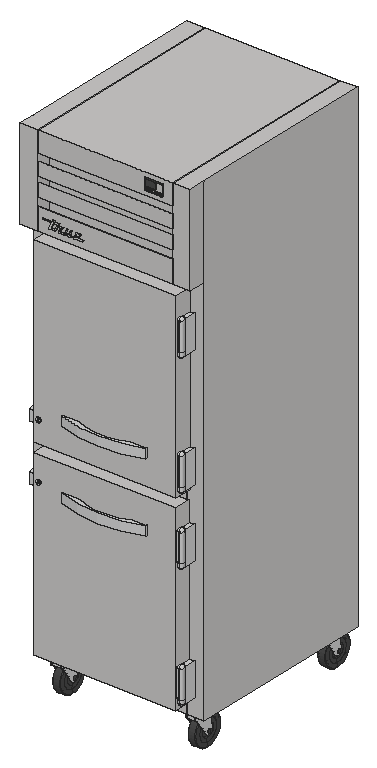
Revit family "QF_TRUE_STG1R-2HS-HC", category Specialty Equipment, Revit 2012
Parameters
  Weight in Pounds = 0
  Watts = Volts * FL Amps  # 437 W
  Volts = 115 V
  URL Cutsheet = "www.truemfg.com"
  URL = "www.truemfg.com"
  Type Mark [instance] = ""
  Type Comments = ""
  Status [instance] = ""
  Specification by User [instance] = ""
  Specification by Manufacturer = ""
  Show Seismic Flanged [instance] = no
  Show Logo [instance] = yes
  Show Legs [instance] = no
  Show Clearance [instance] = yes
  Serial Number = ""
  Seismic Rating = ""
  Seismic Plate [instance] = and(Show Seismic Flanged, not(Show Casters))  # no
  SMACNA No = ""
  Revision Code [instance] = ""
  Phase = 1
  Omniclass Number and Title = ""
  Number of Poles [instance] = 1
  NAFEM Spec ID Number = ""
  Model = "STG1R-2HS-HC"
  Min Ckt Ampacity = 0 A
  Max Overcurrent Protection = 0 A
  Masterspec = ""
  Manufacturer = "TRUE FOOD SERVICE EQUIPMENT, INC."
  Length = 27 1/2"
  Legs [instance] = or(Show Legs, Show Seismic Flanged)  # no
  Item Number [instance] = ""
  Installed By [instance] = ""
  Identify Quantity as Lot [instance] = yes
  Height = 77 3/4"
  HP = "1/4"
  Furnished By [instance] = ""
  Foodservice Equipment Identifier [instance] = yes
  FL Amps = 3.8 A
  Electrical Remarks [instance] = ""
  Electric Connection Type [instance] = ""
  Elec Conn RI Height [instance] = 0"
  Elec Conn Connection Height [instance] = 0"
  Description = "REACH-IN SOLID HALF SWING DOOR REFRIGERATOR WITH HYDROCARBON REFRIGERANT WITH LED LIGHTING"
  Depth = 33 3/4"
  Cycle = 60 Hz
  Conn Plug = "5-15P"
  Conn Conduit = yes
  Show Casters [instance] = and(not(if(Show Legs, Show Legs, Show Legs)), not(if(Show Legs, Show Legs, Show Seismic Flanged)))  # yes
  CSI MasterFormat = ""
  CSI Master Format = ""
  Apparent Power = if(Phase = 3, Volts * FL Amps * 1.73, Volts * FL Amps)  # 437 VA
Reference planes (in)
  plane 1 "BACK": y = 0
  plane 2: z = 0
  plane 3 "LEFT": x = 0
  plane 4 "RIGHT": x = 27.5
  plane 5 "FRONT": y = -33.75
  plane 6 "TOP": z = 84.125
  plane 7: z = 6.125
  plane 8: x = 2.84375
  plane 9: y = -33.7042
  plane 10: y = -35.21875
  plane 11: y = -56.78125
Forms (in)
  Extrusion 1, solid, material "QF_Finishes_Stainless Steel"
    sketch origin (0.05, 0, 0) x (1, 0, 0) y (0, 1, 0)
      loop
        line (-0.05, 0) -> (-0.05, -31) -> (2.87859, -31) -> (2.87859, 0) -> (-0.05, 0)
    from 6.125 to 84.125
  Extrusion 2, solid, material "QF_Finishes_Stainless Steel"
    sketch origin (50.15, 0, 0) x (1, 0, 0) y (0, 1, 0)
      loop
        line (-25.44375, 0) -> (-25.44375, -31) -> (-22.65, -31) -> (-22.65, 0) -> (-25.44375, 0)
    from 6.125 to 84.125
  Extrusion 3, solid, material "QF_Finishes_Stainless Steel"
    sketch origin (0, 0, 0) x (0, 1, 0) y (0, 0, 1)
      loop
        line (-33.7042, 69.5) -> (-31, 69.5) -> (-31, 6.125) -> (0, 6.125) -> (0, 84.125) -> (-33.7042, 84.125) -> (-33.7042, 80.78078) -> (-31.5, 79.21352) -> (-31.5, 78.09125) -> (-33.7042, 79.65851) -> (-33.7042, 77.5248) -> (-31.5, 75.95754) -> (-31.5, 74.99678) -> (-33.7042, 76.56404) -> (-33.7042, 74.46784) -> (-31.5, 72.90057) -> (-31.5, 71.625) -> (-33.7042, 73.19226) -> (-33.7042, 69.5)
    from 2.92859 to 24.70625
  Extrusion 4, solid, material "QF_Finishes_Stainless Steel"
    sketch origin (0, 0, 0) x (1, 0, 0) y (0, 1, 0)
      loop
        line (27.45312, -31) -> (24.70625, -31) -> (24.70625, -33.75) -> (27.45312, -33.75) -> (27.45312, -31)
    from 69.5 to 84.125
  Extrusion 5, solid, material "QF_Finishes_Stainless Steel"
    sketch origin (-50.125, 0, 0.25) x (1, 0, 0) y (0, 1, 0)
      loop
        line (53.05359, -31) -> (50.17188, -31) -> (50.17188, -33.75) -> (53.05359, -33.75) -> (53.05359, -31)
    from 69.25 to 83.875
  Extrusion 6, solid, material "QF_Finishes_Stainless Steel"
    sketch origin (-24.96875, 0, -0.71875) x (1, 0, 0) y (0, 0, 1)
      loop
        line (27.15625, 8.75) -> (50.09375, 8.75) -> (50.09375, 37.96875) -> (27.15625, 37.96875) -> (27.15625, 8.75)
      loop
        line (27.15625, 68.6875) -> (27.15625, 39.46875) -> (50.1875, 39.46875) -> (50.1875, 68.6875) -> (27.15625, 68.6875)
    from 31 to 33.75
  Extrusion 7, solid, material "QF_Finishes_Handrails and Railings"
    sketch origin (60.77813, -0.25, 31.96644) x (1, 0, 0) y (0, 1, 0)
      loop
        line (-53.875, -33.5) -> (-53.875, -33.7)
        arc (-53.875, -33.7) -> (-47.075, -34.96875) -> (-40.275, -33.7) r 18.857
        line (-40.275, -33.7) -> (-40.275, -33.5) -> (-42.675, -33.5)
        arc (-42.675, -33.5) -> (-47.075, -34.53655) -> (-51.475, -33.5) r 9.85694
        line (-51.475, -33.5) -> (-53.875, -33.5)
    from 10.87731 to 12.37731
  Extrusion 8, solid, material "QF_Finishes_Handrails and Railings"
    sketch origin (-23.375, 0, 2.25) x (1, 0, 0) y (0, 0, 1)
      loop
        circle (26.4375, 40.0625) r 0.35
      loop
        line (26.47265, 40.33635) -> (26.41715, 40.33635) -> (26.41715, 39.76895) -> (26.47265, 39.76895) -> (26.47265, 40.33635)
    from 33.5 to 33.83066
  Extrusion 9, solid, material "QF_Finishes_Handrails and Railings", visible <- "Show Logo"
    sketch origin (0.33478, 1.08173, -6.73143) x (1, 0, 0) y (0, 0, 1)
      loop
        line (3.46044, 78.46231) -> (3.35478, 78.23573) -> (4.76027, 78.23573)
        arc (4.76027, 78.23573) -> (4.78879, 78.18528) -> (4.76027, 78.13484) r 0.05887
        line (4.76027, 78.13484) -> (4.39369, 77.34872)
        arc (4.39369, 77.34872) -> (4.39051, 77.27591) -> (4.43975, 77.22217) r 0.09523
        line (4.43975, 77.22217) -> (5.33844, 77.22217)
        arc (5.33844, 77.22217) -> (5.45192, 77.25795) -> (5.52436, 77.35235) r 0.19785
        line (5.52436, 77.35235) -> (5.81285, 77.97101) -> (6.0779, 77.97101)
        arc (6.0779, 77.97101) -> (6.14744, 77.94543) -> (6.13737, 77.87203) r 0.05911
        line (6.13737, 77.87203) -> (5.89598, 77.35437)
        arc (5.89598, 77.35437) -> (5.89974, 77.2684) -> (5.97231, 77.22217) r 0.09318
        line (5.97231, 77.22217) -> (6.76198, 77.22217)
        arc (6.76198, 77.22217) -> (6.82249, 77.24419) -> (6.85468, 77.29995) r 0.09412
        arc (6.85468, 77.29995) -> (6.87746, 77.24495) -> (6.93246, 77.22217) r 0.07778
        line (6.93246, 77.22217) -> (7.43246, 77.22217)
        arc (7.43246, 77.22217) -> (7.49022, 77.23765) -> (7.53251, 77.27993) r 0.11552
        arc (7.53251, 77.27993) -> (7.55275, 77.23106) -> (7.60162, 77.21081) r 0.06912
        line (7.60162, 77.21081) -> (8.31225, 77.21081)
        arc (8.31225, 77.21081) -> (8.37034, 77.23488) -> (8.39441, 77.29297) r 0.08216
        arc (8.39441, 77.29297) -> (8.44767, 77.23972) -> (8.52042, 77.22022) r 0.14551
        line (8.52042, 77.22022) -> (9.85158, 77.22022) -> (9.99946, 77.47634) -> (8.65678, 77.47634)
        arc (8.65678, 77.47634) -> (8.61972, 77.50204) -> (8.61834, 77.54711) r 0.05009
        line (8.61834, 77.54711) -> (8.64157, 77.59692)
        arc (8.64157, 77.59692) -> (8.67723, 77.64364) -> (8.73327, 77.66135) r 0.09747
        line (8.73327, 77.66135) -> (9.16485, 77.66135)
        arc (9.16485, 77.66135) -> (9.258, 77.68631) -> (9.32619, 77.7545) r 0.1863
        line (9.32619, 77.7545) -> (9.45119, 77.97101)
        arc (9.45119, 77.97101) -> (9.45119, 78.08657) -> (9.35111, 78.14434) r 0.11556
        line (9.35111, 78.14434) -> (8.89562, 78.14434)
        arc (8.89562, 78.14434) -> (8.7795, 78.12462) -> (8.69849, 78.03912) r 0.18605
        line (8.69849, 78.03912) -> (8.48204, 77.57493)
        arc (8.48204, 77.57493) -> (8.41815, 77.49167) -> (8.31806, 77.46011) r 0.1745
        line (8.31806, 77.46011) -> (7.84559, 77.46011)
        arc (7.84559, 77.46011) -> (7.78903, 77.52184) -> (7.79268, 77.60548) r 0.10939
        line (7.79268, 77.60548) -> (8.04395, 78.14434) -> (7.88403, 78.14434) -> (7.61781, 77.57344)
        arc (7.61781, 77.57344) -> (7.56609, 77.50603) -> (7.48505, 77.48048) r 0.14128
        line (7.48505, 77.48048) -> (7.15925, 77.48048)
        arc (7.15925, 77.48048) -> (7.10419, 77.55223) -> (7.116, 77.64189) r 0.11816
        line (7.116, 77.64189) -> (7.3503, 78.14434) -> (7.18514, 78.14434) -> (6.91546, 77.566)
        arc (6.91546, 77.566) -> (6.85285, 77.50339) -> (6.76733, 77.48048) r 0.17104
        line (6.76733, 77.48048) -> (6.29555, 77.48048)
        arc (6.29555, 77.48048) -> (6.21082, 77.51999) -> (6.20267, 77.61313) r 0.0935
        line (6.20267, 77.61313) -> (6.35774, 77.94569) -> (6.57695, 77.94569)
        arc (6.57695, 77.94569) -> (6.61395, 78.05717) -> (6.69267, 78.14434) r 0.2857
        line (6.69267, 78.14434) -> (5.83605, 78.14434)
        arc (5.83605, 78.14434) -> (5.74086, 78.12324) -> (5.67498, 78.05135) r 0.16212
        line (5.67498, 78.05135) -> (5.44279, 77.55341)
        arc (5.44279, 77.55341) -> (5.3894, 77.50002) -> (5.31647, 77.48048) r 0.14586
        line (5.31647, 77.48048) -> (4.80506, 77.48048)
        arc (4.80506, 77.48048) -> (4.76514, 77.53442) -> (4.77274, 77.60109) r 0.09155
        line (4.77274, 77.60109) -> (5.11018, 78.23573) -> (5.96155, 78.23573) -> (6.06721, 78.46231) -> (5.21584, 78.46231) -> (5.32149, 78.68888) -> (5.01862, 78.68888) -> (4.91297, 78.46231) -> (3.46044, 78.46231)
      loop
        arc (8.83805, 77.93863) -> (8.80119, 77.92875) -> (8.7742, 77.90176) r 0.07373
        line (8.7742, 77.90176) -> (8.75229, 77.83436)
        arc (8.75229, 77.83436) -> (8.76245, 77.80983) -> (8.78699, 77.79966) r 0.0347
        line (8.78699, 77.79966) -> (9.15948, 77.79966)
        arc (9.15948, 77.79966) -> (9.18632, 77.80561) -> (9.20812, 77.82234) r 0.0635
        line (9.20812, 77.82234) -> (9.22624, 77.90622)
        arc (9.22624, 77.90622) -> (9.22091, 77.92868) -> (9.20009, 77.93863) r 0.02676
        line (9.20009, 77.93863) -> (8.83805, 77.93863)
    from 34.76797 to 34.83173
  Extrusion 10, solid, material "QF_Finishes_White"
    sketch origin (-23.16691, 1.06376, 1.58022) x (1, 0, 0) y (0, 0, 1)
      loop
        line (43.31732, 81.73227) -> (43.31732, 79.98496) -> (46.22357, 79.98496) -> (46.22357, 81.73227) -> (43.31732, 81.73227)
    from 34.75 to 34.76797
  Extrusion 11, solid, material "QF_Finishes_Black"
    sketch origin (-23.16691, 1.06376, 1.58022) x (1, 0, 0) y (0, 0, 1)
      loop
        line (46.28607, 81.79477) -> (43.25482, 81.79477) -> (43.25482, 79.92246) -> (46.28607, 79.92246) -> (46.28607, 81.79477)
      loop
        spline (43.45482, 80.25372) -> (43.46333, 80.23754) -> (43.48831, 80.22247) -> (43.52804, 80.20952) -> (43.57982, 80.19959) -> (43.64011, 80.19335) -> (43.70482, 80.19122) -> (43.76952, 80.19335) -> (43.82982, 80.19959) -> (43.88159, 80.20952) -> (43.92132, 80.22247) -> (43.9463, 80.23754) -> (43.95482, 80.25372)
        spline (43.95482, 80.25372) -> (43.9463, 80.26989) -> (43.92132, 80.28497) -> (43.88159, 80.29791) -> (43.82982, 80.30784) -> (43.76952, 80.31409) -> (43.70482, 80.31622) -> (43.64011, 80.31409) -> (43.57982, 80.30784) -> (43.52804, 80.29791) -> (43.48831, 80.28497) -> (43.46333, 80.26989) -> (43.45482, 80.25372)
      loop
        spline (44.15083, 80.25372) -> (44.15935, 80.23754) -> (44.18432, 80.22247) -> (44.22405, 80.20952) -> (44.27583, 80.19959) -> (44.33612, 80.19335) -> (44.40083, 80.19122) -> (44.46553, 80.19335) -> (44.52583, 80.19959) -> (44.57761, 80.20952) -> (44.61734, 80.22247) -> (44.64231, 80.23754) -> (44.65083, 80.25372)
        spline (44.65083, 80.25372) -> (44.64231, 80.26989) -> (44.61734, 80.28497) -> (44.57761, 80.29791) -> (44.52583, 80.30784) -> (44.46553, 80.31409) -> (44.40083, 80.31622) -> (44.33612, 80.31409) -> (44.27583, 80.30784) -> (44.22405, 80.29791) -> (44.18432, 80.28497) -> (44.15935, 80.26989) -> (44.15083, 80.25372)
      loop
        spline (44.90083, 80.25372) -> (44.90935, 80.23754) -> (44.93432, 80.22247) -> (44.97405, 80.20952) -> (45.02583, 80.19959) -> (45.08612, 80.19335) -> (45.15083, 80.19122) -> (45.21553, 80.19335) -> (45.27583, 80.19959) -> (45.32761, 80.20952) -> (45.36734, 80.22247) -> (45.39231, 80.23754) -> (45.40083, 80.25372)
        spline (45.40083, 80.25372) -> (45.39231, 80.26989) -> (45.36734, 80.28497) -> (45.32761, 80.29791) -> (45.27583, 80.30784) -> (45.21553, 80.31409) -> (45.15083, 80.31622) -> (45.08612, 80.31409) -> (45.02583, 80.30784) -> (44.97405, 80.29791) -> (44.93432, 80.28497) -> (44.90935, 80.26989) -> (44.90083, 80.25372)
      loop
        line (43.45481, 81.59478) -> (43.45481, 80.59478) -> (45.15433, 80.59478) -> (45.15433, 81.59478) -> (43.45481, 81.59478)
      loop
        line (46.22357, 81.73227) -> (43.31732, 81.73227) -> (43.31732, 79.98496) -> (46.22357, 79.98496) -> (46.22357, 81.73227)
      loop
        spline (45.65083, 80.25372) -> (45.65935, 80.23754) -> (45.68432, 80.22247) -> (45.72405, 80.20952) -> (45.77583, 80.19959) -> (45.83612, 80.19335) -> (45.90083, 80.19122) -> (45.96553, 80.19335) -> (46.02583, 80.19959) -> (46.07761, 80.20952) -> (46.11734, 80.22247) -> (46.14231, 80.23754) -> (46.15083, 80.25372)
        spline (46.15083, 80.25372) -> (46.14231, 80.26989) -> (46.11734, 80.28497) -> (46.07761, 80.29791) -> (46.02583, 80.30784) -> (45.96553, 80.31409) -> (45.90083, 80.31622) -> (45.83612, 80.31409) -> (45.77583, 80.30784) -> (45.72405, 80.29791) -> (45.68432, 80.28497) -> (45.65935, 80.26989) -> (45.65083, 80.25372)
    from 34.76797 to 34.80335
  Extrusion 12, solid
    sketch origin (-25.125, 0, 0) x (1, 0, 0) y (0, 0, 1)
      loop
        circle (49.375, 82) r 0.25
    from 0 to 0.0625
  Blend 13, solid, material "QF_Finishes_Handrails and Railings"
    base sketch origin (27.53125, 0, 4.25) x (-1, 0, 0) y (0, 0, -1)
      loop
        line (25.25, -38.99169) -> (26, -38.99169) -> (26, -37.24169) -> (25.25, -37.24169) -> (25.25, -38.99169)
    top sketch origin (27.53125, 0, 4.25) x (-1, 0, 0) y (0, 0, -1)
      loop
        line (26.18223, -36.6441) -> (25.25, -36.6441) -> (25.25, -39.42643) -> (26.18223, -39.42643) -> (26.18223, -36.6441)
    from 33.57883 to 31
  Extrusion 14, solid, material "QF_Finishes_Handrails and Railings"
    sketch origin (26.1875, 0, 0) x (0, 1, 0) y (0, 0, -1)
      loop
        line (-31, -64.55229) -> (-31, -59.23627) -> (-33.25, -59.23627) -> (-33.25, -59.94848) -> (-32.81497, -59.94848) -> (-32.81497, -64.34776)
        arc (-32.81497, -64.34776) -> (-32.75506, -64.49238) -> (-32.61044, -64.55229) r 0.20453
        line (-32.61044, -64.55229) -> (-31, -64.55229)
    from 0.17506 to 1
  Revolve 15, solid, material "QF_Finishes_Handrails and Railings"
    sketch origin (25.6875, 0, 0) x (0, 1, 0) y (0, 0, -1)
      loop
        line (-33.26563, -60.00189) -> (-33.67229, -60.00189) -> (-33.67229, -64.4736)
        arc (-33.67229, -64.4736) -> (-33.53722, -64.72557) -> (-33.26563, -64.81483) r 0.3848
        line (-33.26563, -64.81483) -> (-33.26563, -60.00189)
      loop
        line (-33.26563, -59.94848) -> (-33.26563, -59.04781)
        arc (-33.26563, -59.04781) -> (-33.53264, -59.13383) -> (-33.67229, -59.37712) r 0.38884
        line (-33.67229, -59.37712) -> (-33.67229, -59.94848) -> (-33.26563, -59.94848)
      axis (-33.26563, -59.04781) -> (-33.26563, -64.81483)
    angle from 0 to 360
  Extrusion 16, solid, material "QF_Finishes_Handrails and Railings"
    sketch origin (27.5, 0, 0) x (-1, 0, 0) y (0, 0, -1)
      loop
        line (1.91491, -64.4736) -> (2.3125, -64.4736) -> (2.3125, -60.00079) -> (1.91491, -60.00079) -> (1.91491, -64.4736)
    from 32.81497 to 33.59495
  Extrusion 17, solid, material "QF_Finishes_Handrails and Railings"
    sketch origin (26.1875, 0, -19.5) x (0, 1, 0) y (0, 0, -1)
      loop
        line (-31, -64.55229) -> (-31, -59.23627) -> (-33.25, -59.23627) -> (-33.25, -59.94848) -> (-32.81497, -59.94848) -> (-32.81497, -64.34776)
        arc (-32.81497, -64.34776) -> (-32.75506, -64.49238) -> (-32.61044, -64.55229) r 0.20453
        line (-32.61044, -64.55229) -> (-31, -64.55229)
    from 0.17506 to 1
  Revolve 18, solid, material "QF_Finishes_Handrails and Railings"
    sketch origin (25.6875, 0, -19.5) x (0, 1, 0) y (0, 0, -1)
      loop
        line (-33.26563, -60.00189) -> (-33.67229, -60.00189) -> (-33.67229, -64.4736)
        arc (-33.67229, -64.4736) -> (-33.53722, -64.72557) -> (-33.26563, -64.81483) r 0.3848
        line (-33.26563, -64.81483) -> (-33.26563, -60.00189)
      loop
        line (-33.26563, -59.94848) -> (-33.26563, -59.04781)
        arc (-33.26563, -59.04781) -> (-33.53264, -59.13383) -> (-33.67229, -59.37712) r 0.38884
        line (-33.67229, -59.37712) -> (-33.67229, -59.94848) -> (-33.26563, -59.94848)
      axis (-33.26563, -59.04781) -> (-33.26563, -64.81483)
    angle from 0 to 360
  Extrusion 19, solid, material "QF_Finishes_Handrails and Railings"
    sketch origin (27.5, 0, -19.5) x (-1, 0, 0) y (0, 0, -1)
      loop
        line (1.91491, -64.4736) -> (2.3125, -64.4736) -> (2.3125, -60.00079) -> (1.91491, -60.00079) -> (1.91491, -64.4736)
    from 32.81497 to 33.59495
  Extrusion 20, solid, material "QF_Finishes_Handrails and Railings"
    sketch origin (26.1875, 0, -30.5) x (0, 1, 0) y (0, 0, -1)
      loop
        line (-31, -64.55229) -> (-31, -59.23627) -> (-33.25, -59.23627) -> (-33.25, -59.94848) -> (-32.81497, -59.94848) -> (-32.81497, -64.34776)
        arc (-32.81497, -64.34776) -> (-32.75506, -64.49238) -> (-32.61044, -64.55229) r 0.20453
        line (-32.61044, -64.55229) -> (-31, -64.55229)
    from 0.17506 to 1
  Revolve 21, solid, material "QF_Finishes_Handrails and Railings"
    sketch origin (25.6875, 0, -30.5) x (0, 1, 0) y (0, 0, -1)
      loop
        line (-33.26563, -60.00189) -> (-33.67229, -60.00189) -> (-33.67229, -64.4736)
        arc (-33.67229, -64.4736) -> (-33.53722, -64.72557) -> (-33.26563, -64.81483) r 0.3848
        line (-33.26563, -64.81483) -> (-33.26563, -60.00189)
      loop
        line (-33.26563, -59.94848) -> (-33.26563, -59.04781)
        arc (-33.26563, -59.04781) -> (-33.53264, -59.13383) -> (-33.67229, -59.37712) r 0.38884
        line (-33.67229, -59.37712) -> (-33.67229, -59.94848) -> (-33.26563, -59.94848)
      axis (-33.26563, -59.04781) -> (-33.26563, -64.81483)
    angle from 0 to 360
  Extrusion 22, solid, material "QF_Finishes_Handrails and Railings"
    sketch origin (27.5, 0, -30.5) x (-1, 0, 0) y (0, 0, -1)
      loop
        line (1.91491, -64.4736) -> (2.3125, -64.4736) -> (2.3125, -60.00079) -> (1.91491, -60.00079) -> (1.91491, -64.4736)
    from 32.81497 to 33.59495
  Extrusion 23, solid, material "QF_Finishes_Handrails and Railings"
    sketch origin (26.1875, 0, -50.25) x (0, 1, 0) y (0, 0, -1)
      loop
        line (-31, -64.55229) -> (-31, -59.23627) -> (-33.25, -59.23627) -> (-33.25, -59.94848) -> (-32.81497, -59.94848) -> (-32.81497, -64.34776)
        arc (-32.81497, -64.34776) -> (-32.75506, -64.49238) -> (-32.61044, -64.55229) r 0.20453
        line (-32.61044, -64.55229) -> (-31, -64.55229)
    from 0.17506 to 1
  Revolve 24, solid, material "QF_Finishes_Handrails and Railings"
    sketch origin (25.6875, 0, -50.25) x (0, 1, 0) y (0, 0, -1)
      loop
        line (-33.26563, -60.00189) -> (-33.67229, -60.00189) -> (-33.67229, -64.4736)
        arc (-33.67229, -64.4736) -> (-33.53722, -64.72557) -> (-33.26563, -64.81483) r 0.3848
        line (-33.26563, -64.81483) -> (-33.26563, -60.00189)
      loop
        line (-33.26563, -59.94848) -> (-33.26563, -59.04781)
        arc (-33.26563, -59.04781) -> (-33.53264, -59.13383) -> (-33.67229, -59.37712) r 0.38884
        line (-33.67229, -59.37712) -> (-33.67229, -59.94848) -> (-33.26563, -59.94848)
      axis (-33.26563, -59.04781) -> (-33.26563, -64.81483)
    angle from 0 to 360
  Extrusion 25, solid, material "QF_Finishes_Handrails and Railings"
    sketch origin (27.5, 0, -50.25) x (-1, 0, 0) y (0, 0, -1)
      loop
        line (1.91491, -64.4736) -> (2.3125, -64.4736) -> (2.3125, -60.00079) -> (1.91491, -60.00079) -> (1.91491, -64.4736)
    from 32.81497 to 33.59495
  Revolve 26, solid, material "QF_Finishes_Black", visible <- "Show Casters"
    sketch origin (22.65625, -27.375, 0) x (1, 0, 0) y (0, 0, 1)
      loop
        line (1.475, 5) -> (1.375, 4.9) -> (1.375, 4.29941) -> (1.53601, 4.29941) -> (1.53601, 3.54941) -> (1.375, 3.54941) -> (1.375, 2.79941) -> (0.975, 2.79941) -> (0.975, 2.5) -> (3.025, 2.5) -> (3.025, 2.79941) -> (2.62908, 2.79941) -> (2.62908, 3.54941) -> (2.46399, 3.54941) -> (2.46399, 4.29941) -> (2.62908, 4.29941) -> (2.62908, 4.89592) -> (2.525, 5) -> (1.475, 5)
      axis (3.025, 2.5) -> (0.975, 2.5)
    angle from 0 to 360
  Extrusion 27, solid, material "QF_Finishes_Handrails and Railings", visible <- "Show Casters"
    sketch origin (22.5625, 0, 0) x (0, 1, 0) y (0, 0, 1)
      loop
        line (-29.95136, 5.48574) -> (-29.95136, 4.88089) -> (-29.70136, 4.88089) -> (-27.95216, 2.18736)
        arc (-27.95216, 2.18736) -> (-27.23883, 1.94868) -> (-26.84581, 2.59003) r 0.60416
        line (-26.84581, 2.59003) -> (-27.20136, 5.48574) -> (-29.95136, 5.48574)
      loop
        line (-3.8577, 5.48574) -> (-3.8577, 4.88089) -> (-3.6077, 4.88089) -> (-1.8585, 2.18736)
        arc (-1.8585, 2.18736) -> (-1.14517, 1.94868) -> (-0.75215, 2.59003) r 0.60416
        line (-0.75215, 2.59003) -> (-1.1077, 5.48574) -> (-3.8577, 5.48574)
    from 1.175 to 1.325
  Extrusion 28, solid, material "QF_Finishes_Handrails and Railings", visible <- "Show Casters"
    sketch origin (24.0625, 0, 0) x (0, 1, 0) y (0, 0, 1)
      loop
        line (-29.95136, 5.48574) -> (-29.95136, 4.88089) -> (-29.70136, 4.88089) -> (-27.95216, 2.18736)
        arc (-27.95216, 2.18736) -> (-27.23883, 1.94868) -> (-26.84581, 2.59003) r 0.60416
        line (-26.84581, 2.59003) -> (-27.20136, 5.48574) -> (-29.95136, 5.48574)
      loop
        line (-3.8577, 5.48574) -> (-3.8577, 4.88089) -> (-3.6077, 4.88089) -> (-1.8585, 2.18736)
        arc (-1.8585, 2.18736) -> (-1.14517, 1.94868) -> (-0.75215, 2.59003) r 0.60416
        line (-0.75215, 2.59003) -> (-1.1077, 5.48574) -> (-3.8577, 5.48574)
    from 1.175 to 1.325
  Revolve 29, solid, material "QF_Finishes_Chrome - Satin", visible <- "Show Casters"
    sketch origin (22.65625, -28.5625, -0.5) x (1, 0, 0) y (0, 0, 1)
      loop
        line (2, 5.99546) -> (2, 6.62359) -> (0.70293, 6.62359) -> (0.70293, 5.99546) -> (2, 5.99546)
      axis (2, 5.99546) -> (2, 6.62359)
    angle from 0 to 360
  Revolve 30, solid, material "QF_Finishes_Chrome - Satin", visible <- "Legs"
    sketch origin (22.65625, -2.69102, 0) x (1, 0, 0) y (0, 0, 1)
      loop
        line (2, 6.125) -> (0.66662, 6.125) -> (1.25, 1) -> (1.5, 1) -> (1.5, 0) -> (2, 0) -> (2, 6.125)
      axis (2, 0) -> (2, 6.125)
    angle from 0 to 360
  Revolve 31, solid, material "QF_Finishes_Chrome - Satin", visible <- "Legs"
    sketch origin (22.65625, -28.65977, 0) x (1, 0, 0) y (0, 0, 1)
      loop
        line (2, 6.125) -> (0.66662, 6.125) -> (1.25, 1) -> (1.5, 1) -> (1.5, 0) -> (2, 0) -> (2, 6.125)
      axis (2, 0) -> (2, 6.125)
    angle from 0 to 360
  Revolve 32, solid, material "QF_Finishes_Chrome - Satin", visible <- "Show Casters"
    sketch origin (22.65625, -2.70321, -0.5) x (1, 0, 0) y (0, 0, 1)
      loop
        line (2, 5.99546) -> (2, 6.62359) -> (0.70293, 6.62359) -> (0.70293, 5.99546) -> (2, 5.99546)
      axis (2, 5.99546) -> (2, 6.62359)
    angle from 0 to 360
  Extrusion 33, solid, material "QF_Finishes_Handrails and Railings", visible <- "Show Casters"
    sketch origin (-25.21875, 0, 0) x (0, 1, 0) y (0, 0, 1)
      loop
        line (-29.95136, 5.48574) -> (-29.95136, 4.88089) -> (-29.70136, 4.88089) -> (-27.16533, 5.19227) -> (-27.20136, 5.48574) -> (-29.95136, 5.48574)
      loop
        line (-3.8577, 5.48574) -> (-3.8577, 4.88089) -> (-3.6077, 4.88089) -> (-1.07167, 5.19227) -> (-1.1077, 5.48574) -> (-3.8577, 5.48574)
    from 49.10625 to 50.45625
  Revolve 34, solid, material "QF_Finishes_Black", visible <- "Show Casters"
    sketch origin (22.65625, -1.21875, 0) x (1, 0, 0) y (0, 0, 1)
      loop
        line (1.475, 5) -> (1.375, 4.9) -> (1.375, 4.29941) -> (1.53601, 4.29941) -> (1.53601, 3.54941) -> (1.375, 3.54941) -> (1.375, 2.79941) -> (0.975, 2.79941) -> (0.975, 2.5) -> (3.025, 2.5) -> (3.025, 2.79941) -> (2.62908, 2.79941) -> (2.62908, 3.54941) -> (2.46399, 3.54941) -> (2.46399, 4.29941) -> (2.62908, 4.29941) -> (2.62908, 4.89592) -> (2.525, 5) -> (1.475, 5)
      axis (3.025, 2.5) -> (0.975, 2.5)
    angle from 0 to 360
  Revolve 35, solid, material "QF_Finishes_Black", visible <- "Show Casters"
    sketch origin (0.84375, -27.375, 0) x (1, 0, 0) y (0, 0, 1)
      loop
        line (1.475, 5) -> (1.375, 4.9) -> (1.375, 4.29941) -> (1.53601, 4.29941) -> (1.53601, 3.54941) -> (1.375, 3.54941) -> (1.375, 2.79941) -> (0.975, 2.79941) -> (0.975, 2.5) -> (3.025, 2.5) -> (3.025, 2.79941) -> (2.62908, 2.79941) -> (2.62908, 3.54941) -> (2.46399, 3.54941) -> (2.46399, 4.29941) -> (2.62908, 4.29941) -> (2.62908, 4.89592) -> (2.525, 5) -> (1.475, 5)
      axis (3.025, 2.5) -> (0.975, 2.5)
    angle from 0 to 360
  Extrusion 36, solid, material "QF_Finishes_Handrails and Railings", visible <- "Show Casters"
    sketch origin (0.84375, 0, 0) x (0, 1, 0) y (0, 0, 1)
      loop
        line (-29.95136, 5.48574) -> (-29.95136, 4.88089) -> (-29.70136, 4.88089) -> (-27.95216, 2.18736)
        arc (-27.95216, 2.18736) -> (-27.23883, 1.94868) -> (-26.84581, 2.59003) r 0.60416
        line (-26.84581, 2.59003) -> (-27.20136, 5.48574) -> (-29.95136, 5.48574)
      loop
        line (-3.8577, 5.48574) -> (-3.8577, 4.88089) -> (-3.6077, 4.88089) -> (-1.8585, 2.18736)
        arc (-1.8585, 2.18736) -> (-1.14517, 1.94868) -> (-0.75215, 2.59003) r 0.60416
        line (-0.75215, 2.59003) -> (-1.1077, 5.48574) -> (-3.8577, 5.48574)
    from 1.175 to 1.325
  Extrusion 37, solid, material "QF_Finishes_Handrails and Railings", visible <- "Show Casters"
    sketch origin (2.34375, 0, 0) x (0, 1, 0) y (0, 0, 1)
      loop
        line (-29.95136, 5.48574) -> (-29.95136, 4.88089) -> (-29.70136, 4.88089) -> (-27.95216, 2.18736)
        arc (-27.95216, 2.18736) -> (-27.23883, 1.94868) -> (-26.84581, 2.59003) r 0.60416
        line (-26.84581, 2.59003) -> (-27.20136, 5.48574) -> (-29.95136, 5.48574)
      loop
        line (-3.8577, 5.48574) -> (-3.8577, 4.88089) -> (-3.6077, 4.88089) -> (-1.8585, 2.18736)
        arc (-1.8585, 2.18736) -> (-1.14517, 1.94868) -> (-0.75215, 2.59003) r 0.60416
        line (-0.75215, 2.59003) -> (-1.1077, 5.48574) -> (-3.8577, 5.48574)
    from 1.175 to 1.325
  Revolve 38, solid, material "QF_Finishes_Chrome - Satin", visible <- "Show Casters"
    sketch origin (0.84375, -28.5625, -0.5) x (1, 0, 0) y (0, 0, 1)
      loop
        line (2, 5.99546) -> (2, 6.62359) -> (0.70293, 6.62359) -> (0.70293, 5.99546) -> (2, 5.99546)
      axis (2, 5.99546) -> (2, 6.62359)
    angle from 0 to 360
  Revolve 39, solid, material "QF_Finishes_Chrome - Satin", visible <- "Legs"
    sketch origin (0.84375, -2.69102, 0) x (1, 0, 0) y (0, 0, 1)
      loop
        line (2, 6.125) -> (0.66662, 6.125) -> (1.25, 1) -> (1.5, 1) -> (1.5, 0) -> (2, 0) -> (2, 6.125)
      axis (2, 0) -> (2, 6.125)
    angle from 0 to 360
  Revolve 40, solid, material "QF_Finishes_Chrome - Satin", visible <- "Legs"
    sketch origin (0.84375, -28.65977, 0) x (1, 0, 0) y (0, 0, 1)
      loop
        line (2, 6.125) -> (0.66662, 6.125) -> (1.25, 1) -> (1.5, 1) -> (1.5, 0) -> (2, 0) -> (2, 6.125)
      axis (2, 0) -> (2, 6.125)
    angle from 0 to 360
  Revolve 41, solid, material "QF_Finishes_Chrome - Satin", visible <- "Show Casters"
    sketch origin (0.84375, -2.70321, -0.5) x (1, 0, 0) y (0, 0, 1)
      loop
        line (2, 5.99546) -> (2, 6.62359) -> (0.70293, 6.62359) -> (0.70293, 5.99546) -> (2, 5.99546)
      axis (2, 5.99546) -> (2, 6.62359)
    angle from 0 to 360
  Extrusion 42, solid, material "QF_Finishes_Handrails and Railings", visible <- "Show Casters"
    sketch origin (-46.9375, 0, 0) x (0, 1, 0) y (0, 0, 1)
      loop
        line (-29.95136, 5.48574) -> (-29.95136, 4.88089) -> (-29.70136, 4.88089) -> (-27.16533, 5.19227) -> (-27.20136, 5.48574) -> (-29.95136, 5.48574)
      loop
        line (-3.8577, 5.48574) -> (-3.8577, 4.88089) -> (-3.6077, 4.88089) -> (-1.07167, 5.19227) -> (-1.1077, 5.48574) -> (-3.8577, 5.48574)
    from 49.10625 to 50.45625
  Revolve 43, solid, material "QF_Finishes_Black", visible <- "Show Casters"
    sketch origin (0.84375, -1.21875, 0) x (1, 0, 0) y (0, 0, 1)
      loop
        line (1.475, 5) -> (1.375, 4.9) -> (1.375, 4.29941) -> (1.53601, 4.29941) -> (1.53601, 3.54941) -> (1.375, 3.54941) -> (1.375, 2.79941) -> (0.975, 2.79941) -> (0.975, 2.5) -> (3.025, 2.5) -> (3.025, 2.79941) -> (2.62908, 2.79941) -> (2.62908, 3.54941) -> (2.46399, 3.54941) -> (2.46399, 4.29941) -> (2.62908, 4.29941) -> (2.62908, 4.89592) -> (2.525, 5) -> (1.475, 5)
      axis (3.025, 2.5) -> (0.975, 2.5)
    angle from 0 to 360
  Extrusion 44, solid, material "QF_Door-Drawer Clearances", visible <- "Show Clearance", detail levels coarse
    sketch origin (26.33466, -3.6098, 0) x (1, 0, 0) y (0, 1, 0)
      loop
        line (-1.17841, -30.1402) -> (-24.14716, -30.1402)
        arc (-24.14716, -30.1402) -> (-17.41831, -46.39845) -> (-1.17841, -53.17145) r 23.0493
        line (-1.17841, -53.17145) -> (-1.17841, -30.1402)
    from 38.75 to 67.96875
  Extrusion 45, solid, material "QF_Finishes_Chrome - Satin", visible <- "Seismic Plate"
    sketch origin (-0.22541, -26.96562, 0) x (1, 0, 0) y (0, 1, 0)
      loop
        circle (3.06916, -1.69416) r 1.5
    from 0 to 0.25
  Extrusion 46, solid, material "QF_Finishes_Chrome - Satin", visible <- "Seismic Plate"
    sketch origin (-0.22541, -0.99687, 0) x (1, 0, 0) y (0, 1, 0)
      loop
        circle (3.06916, -1.69416) r 1.5
    from 0 to 0.25
  Extrusion 47, solid, material "QF_Finishes_Chrome - Satin", visible <- "Seismic Plate"
    sketch origin (21.49334, -0.99687, 0) x (1, 0, 0) y (0, 1, 0)
      loop
        circle (3.16291, -1.69416) r 1.5
    from 0 to 0.25
  Extrusion 48, solid, material "QF_Finishes_Chrome - Satin", visible <- "Seismic Plate"
    sketch origin (21.49334, -26.96562, 0) x (1, 0, 0) y (0, 1, 0)
      loop
        circle (3.16291, -1.69416) r 1.5
    from 0 to 0.25
  Extrusion 49, solid, material "QF_Finishes_Handrails and Railings"
    sketch origin (-23.375, 0, 73.375) x (1, 0, 0) y (0, 0, 1)
      loop
        circle (26.4375, -40.0625) r 0.35
      loop
        line (26.47265, -40.33635) -> (26.47265, -39.76895) -> (26.41715, -39.76895) -> (26.41715, -40.33635) -> (26.47265, -40.33635)
    from 33.5 to 33.83066
  Blend 50, solid, material "QF_Finishes_Handrails and Railings"
    base sketch origin (27.53125, 0, 71.375) x (-1, 0, 0) y (0, 0, -1)
      loop
        line (25.25, 38.99169) -> (25.25, 37.24169) -> (26, 37.24169) -> (26, 38.99169) -> (25.25, 38.99169)
    top sketch origin (27.53125, 0, 71.375) x (-1, 0, 0) y (0, 0, -1)
      loop
        line (26.18223, 36.6441) -> (26.18223, 39.42643) -> (25.25, 39.42643) -> (25.25, 36.6441) -> (26.18223, 36.6441)
    from 33.57883 to 31
  Extrusion 51, solid, material "QF_Finishes_Handrails and Railings"
    sketch origin (60.77813, -0.25, 20.77894) x (1, 0, 0) y (0, 1, 0)
      loop
        line (-53.875, -33.5) -> (-53.875, -33.7)
        arc (-53.875, -33.7) -> (-47.075, -34.96875) -> (-40.275, -33.7) r 18.857
        line (-40.275, -33.7) -> (-40.275, -33.5) -> (-42.675, -33.5)
        arc (-42.675, -33.5) -> (-47.075, -34.53655) -> (-51.475, -33.5) r 9.85694
        line (-51.475, -33.5) -> (-53.875, -33.5)
    from 10.87731 to 12.37731
  Extrusion 52, solid, material "QF_Door-Drawer Clearances", visible <- "Show Clearance", detail levels coarse
    sketch origin (26.33466, -3.6098, -30.71875) x (1, 0, 0) y (0, 1, 0)
      loop
        line (-1.17841, -30.1402) -> (-24.14716, -30.1402)
        arc (-24.14716, -30.1402) -> (-17.41977, -46.38156) -> (-1.17841, -53.10895) r 22.96875
        line (-1.17841, -53.10895) -> (-1.17841, -30.1402)
    from 38.75 to 67.96875
Cuts and joins
  joined: Extrusion 1, Extrusion 2, Extrusion 4, Extrusion 5
Lines and regions (in)
  symbolic lines
    curve 1: line (0, 0, 0) -> (27.5, 0, 0)
    curve 2: line (0, -33.75, 0) -> (0, 0, 0)
    curve 3: line (27.5, -33.75, 0) -> (0, -33.75, 0)
    curve 4: line (27.5, 0, 0) -> (27.5, -33.75, 0)
    curve 5: line (27.5, -31.5, 0) -> (0, -31.5, 0)
    curve 22: arc (18.10312, -33.75, 0) -> (13.70312, -34.78655, 0) -> (9.30313, -33.75, 0) r 9.85694
    curve 23: arc (6.90313, -33.95, 0) -> (13.70312, -35.21875, 0) -> (20.50312, -33.95, 0) r 18.857
    curve 24: line (6.90313, -33.75, 0) -> (6.90313, -33.95, 0)
    curve 25: line (20.50312, -33.95, 0) -> (20.50312, -33.75, 0)
  symbolic lines, style "SpecialityEquipmentHiddenLines", visible <- "Show Casters"
    curve 6: line (3.82597, -24.4208, 0) -> (5.12501, -25.1708, 0)
    curve 7: line (1.20097, -28.96743, 0) -> (3.82597, -24.4208, 0)
    curve 8: line (2.50001, -29.71743, 0) -> (1.20097, -28.96743, 0)
    curve 9: line (5.12501, -25.1708, 0) -> (2.50001, -29.71743, 0)
    curve 10: line (3.82597, -0.4208, 0) -> (5.12501, -1.1708, 0)
    curve 11: line (1.20097, -4.96743, 0) -> (3.82597, -0.4208, 0)
    curve 12: line (2.50001, -5.71743, 0) -> (1.20097, -4.96743, 0)
    curve 13: line (5.12501, -1.1708, 0) -> (2.50001, -5.71743, 0)
    curve 14: line (24.73343, -0.4208, 0) -> (26.03247, -1.1708, 0)
    curve 15: line (22.10843, -4.96743, 0) -> (24.73343, -0.4208, 0)
    curve 16: line (23.40747, -5.71743, 0) -> (22.10843, -4.96743, 0)
    curve 17: line (26.03247, -1.1708, 0) -> (23.40747, -5.71743, 0)
    curve 18: line (24.82718, -24.52487, 0) -> (26.12622, -25.27487, 0)
    curve 19: line (22.20218, -29.07151, 0) -> (24.82718, -24.52487, 0)
    curve 20: line (23.50122, -29.82151, 0) -> (22.20218, -29.07151, 0)
    curve 21: line (26.12622, -25.27487, 0) -> (23.50122, -29.82151, 0)
  symbolic lines, style "QF_Door-Drawer Clearances"
    curve 26: line (25.15625, -33.75, 0) -> (5.26473, -45.23438, 0)
    curve 27: arc (5.26473, -45.23438, 0) -> (2.97014, -39.69475, 0) -> (2.1875, -33.75, 0) r 22.96875
Dimensions and locks (in)
  "Depth": plane 5 "FRONT" to plane 1 "BACK"
  plane 7 to level = 6 1/8"
  plane 6 "TOP" to level = 84 1/8"
  plane 6 "TOP" to plane 7 = 78"
  plane 6 "TOP" to cut or joined group of Extrusion 1, Extrusion 2, Extrusion 4, Extrusion 5 = 14 5/8"
  Extrusion 6 sketch curve to Extrusion 6 sketch curve = 22 15/16"
  Extrusion 6 to plane 1 "BACK" = 33 3/4"
  "Length": plane 3 "LEFT" to plane 4 "RIGHT"
  plane 4 "RIGHT" to plane 3 "LEFT" = 27 1/2"
  cut or joined group of Extrusion 1, Extrusion 2, Extrusion 4, Extrusion 5 to cut or joined group of Extrusion 1, Extrusion 2, Extrusion 4, Extrusion 5 = 27 13/32"
  Extrusion 6 to Extrusion 51 = 4 3/32"
  Extrusion 7 to Extrusion 6 = 4 3/32"
  plane 1 "BACK" to plane 10 = 35 7/32"
  plane 11 to plane 5 "FRONT" = 23 1/32"
  aligned and locked: level to plane 2
Automatic sketch dimensions
  Extrusion 1 sketch curve to plane 3 "LEFT" = 0"
  plane 1 "BACK" to Extrusion 1 sketch curve = 0"
  plane 8 to Extrusion 1 sketch curve = 0.08484"
  Extrusion 1 sketch curve to plane 5 "FRONT" = 2 3/4"
  plane 1 "BACK" to Extrusion 2 sketch curve = 0"
  Extrusion 2 sketch curve to plane 4 "RIGHT" = 0"
  Extrusion 2 sketch curve to plane 4 "RIGHT" = 2.79375"
  Extrusion 2 sketch curve to plane 5 "FRONT" = 2 3/4"
  Extrusion 3 sketch curve to plane 9 = 0"  (x4)
  Extrusion 3 sketch curve to plane 6 "TOP" = 0"
  plane 9 to Extrusion 3 sketch curve = 2.2042"  (x2)
  Extrusion 3 sketch curve to Extrusion 3 sketch curve = 0"
  Extrusion 3 sketch curve to Extrusion 3 sketch curve = 1/2"
  plane 1 "BACK" to Extrusion 3 sketch curve = 0"
  Extrusion 3 sketch curve to plane 6 "TOP" = 3.34422"
  Extrusion 3 sketch curve to Extrusion 3 sketch curve = 1.12227"  (x2)
  Extrusion 3 sketch curve to Extrusion 3 sketch curve = 0.445"
  Extrusion 3 sketch curve to Extrusion 3 sketch curve = 2.13371"  (x2)
  Extrusion 3 sketch curve to Extrusion 3 sketch curve = 0.96076"  (x2)
  Extrusion 3 sketch curve to Extrusion 3 sketch curve = 2.0962"  (x2)
  Extrusion 3 sketch curve to Extrusion 3 sketch curve = 1.27557"  (x2)
  Extrusion 3 sketch curve to Extrusion 3 sketch curve = 2 1/8"
  Extrusion 3 sketch curve to plane 7 = 0"
  plane 5 "FRONT" to Extrusion 4 sketch curve = 0"
  Extrusion 4 sketch curve to plane 4 "RIGHT" = 2.79375"
  Extrusion 4 sketch curve to plane 4 "RIGHT" = 3/64"
  Extrusion 4 sketch curve to plane 5 "FRONT" = 2 3/4"
  plane 5 "FRONT" to Extrusion 5 sketch curve = 0"
  plane 3 "LEFT" to Extrusion 5 sketch curve = 3/64"
  plane 8 to Extrusion 5 sketch curve = 0.08484"
  Extrusion 5 sketch curve to plane 5 "FRONT" = 2 3/4"
  Extrusion 6 sketch curve to plane 8 = 21/32"  (x2)
  Extrusion 6 sketch curve to plane 4 "RIGHT" = 2 9/32"
  plane 7 to Extrusion 6 sketch curve = 1 29/32"
  Extrusion 6 sketch curve to Extrusion 6 sketch curve = 29 7/32"
  Extrusion 6 sketch curve to Extrusion 6 sketch curve = 1 1/2"
  Extrusion 6 sketch curve to plane 6 "TOP" = 16 5/32"
  plane 8 to Extrusion 8 sketch curve = 0.1984"
  plane 8 to Extrusion 8 sketch curve = 7/32"
  Extrusion 8 sketch curve to Extrusion 8 sketch curve = 0.0555"
  plane 7 to Extrusion 8 sketch curve = 35.89395"
  Extrusion 8 sketch curve to Extrusion 8 sketch curve = 0.29355"
  Extrusion 8 sketch curve to Extrusion 8 sketch curve = 0.27385"
  plane 8 to Extrusion 9 sketch curve = 0.84582"
  Extrusion 9 sketch curve to Extrusion 9 sketch curve = 0.10565"  (x5)
  Extrusion 9 sketch curve to Extrusion 9 sketch curve = 1.03891"
  Extrusion 9 sketch curve to Extrusion 9 sketch curve = 0.04606"
  Extrusion 9 sketch curve to Extrusion 9 sketch curve = 0.04025"
  Extrusion 9 sketch curve to Extrusion 9 sketch curve = 0.33624"
  Extrusion 9 sketch curve to Extrusion 9 sketch curve = 0.03034"  (x2)
  Extrusion 9 sketch curve to Extrusion 9 sketch curve = 0.29274"
  Extrusion 9 sketch curve to Extrusion 9 sketch curve = 0.03232"
  Extrusion 9 sketch curve to Extrusion 9 sketch curve = 0.08083"
  Extrusion 9 sketch curve to Extrusion 9 sketch curve = 0.1527"
  Extrusion 9 sketch curve to Extrusion 9 sketch curve = 0.19721"
  Extrusion 9 sketch curve to Extrusion 9 sketch curve = 0.4629"
  Extrusion 9 sketch curve to Extrusion 9 sketch curve = 0.02197"
  Extrusion 9 sketch curve to Extrusion 9 sketch curve = 0.12632"
  Extrusion 9 sketch curve to Extrusion 9 sketch curve = 0.18591"
  Extrusion 9 sketch curve to Extrusion 9 sketch curve = 0.2322"
  Extrusion 9 sketch curve to Extrusion 9 sketch curve = 0.13786"
  Extrusion 9 sketch curve to Extrusion 9 sketch curve = 0.00907"
  Extrusion 9 sketch curve to Extrusion 9 sketch curve = 0.01413"
  Extrusion 9 sketch curve to Extrusion 9 sketch curve = 0.37162"
  Extrusion 9 sketch curve to Extrusion 9 sketch curve = 0.12551"
  Extrusion 9 sketch curve to Extrusion 9 sketch curve = 0.07633"
  Extrusion 9 sketch curve to Extrusion 9 sketch curve = 0.08445"
  Extrusion 9 sketch curve to Extrusion 9 sketch curve = 0.25598"
  Extrusion 9 sketch curve to Extrusion 9 sketch curve = 0.01887"
  Extrusion 9 sketch curve to Extrusion 9 sketch curve = 0.04061"
  Extrusion 9 sketch curve to Extrusion 9 sketch curve = 0.0653"
  Extrusion 9 sketch curve to Extrusion 9 sketch curve = 0.08474"
  Extrusion 9 sketch curve to Extrusion 9 sketch curve = 0.00815"
  Extrusion 9 sketch curve to Extrusion 9 sketch curve = 0.22037"
  Extrusion 9 sketch curve to Extrusion 9 sketch curve = 0.21921"
  Extrusion 9 sketch curve to Extrusion 9 sketch curve = 0.11572"
  Extrusion 9 sketch curve to Extrusion 9 sketch curve = 0.46643"
  Extrusion 9 sketch curve to Extrusion 9 sketch curve = 0.00535"
  Extrusion 9 sketch curve to Extrusion 9 sketch curve = 0.09269"
  Extrusion 9 sketch curve to Extrusion 9 sketch curve = 0.09348"
  Extrusion 9 sketch curve to Extrusion 9 sketch curve = 0.14812"
  Extrusion 9 sketch curve to Extrusion 9 sketch curve = 0.07778"  (x3)
  Extrusion 9 sketch curve to Extrusion 9 sketch curve = 0.20054"
  Extrusion 9 sketch curve to Extrusion 9 sketch curve = 0.04325"
  Extrusion 9 sketch curve to Extrusion 9 sketch curve = 0.32433"
  Extrusion 9 sketch curve to Extrusion 9 sketch curve = 0.10233"  (x2)
  Extrusion 9 sketch curve to Extrusion 9 sketch curve = 0.16515"
  Extrusion 9 sketch curve to Extrusion 9 sketch curve = 0.27321"
  Extrusion 9 sketch curve to Extrusion 9 sketch curve = 0.0526"
  Extrusion 9 sketch curve to Extrusion 9 sketch curve = 0.10005"
  Extrusion 9 sketch curve to Extrusion 9 sketch curve = 0.06912"
  Extrusion 9 sketch curve to Extrusion 9 sketch curve = 0.13276"
  Extrusion 9 sketch curve to Extrusion 9 sketch curve = 0.17486"
  Extrusion 9 sketch curve to Extrusion 9 sketch curve = 0.05291"
  Extrusion 9 sketch curve to Extrusion 9 sketch curve = 0.53374"
  Extrusion 9 sketch curve to Extrusion 9 sketch curve = 0.09914"  (x2)
  Extrusion 9 sketch curve to Extrusion 9 sketch curve = 0.15992"
  Extrusion 9 sketch curve to Extrusion 9 sketch curve = 0.46666"
  Extrusion 9 sketch curve to Extrusion 9 sketch curve = 0.00582"
  Extrusion 9 sketch curve to Extrusion 9 sketch curve = 0.08216"
  Extrusion 9 sketch curve to Extrusion 9 sketch curve = 0.16397"
  Extrusion 9 sketch curve to Extrusion 9 sketch curve = 0.12601"
  Extrusion 9 sketch curve to Extrusion 9 sketch curve = 0.1363"
  Extrusion 9 sketch curve to Extrusion 9 sketch curve = 0.02323"
  Extrusion 9 sketch curve to Extrusion 9 sketch curve = 0.03844"
  Extrusion 9 sketch curve to Extrusion 9 sketch curve = 0.0454"
  Extrusion 9 sketch curve to Extrusion 9 sketch curve = 0.05693"
  Extrusion 9 sketch curve to Extrusion 9 sketch curve = 0.0917"
  Extrusion 9 sketch curve to Extrusion 9 sketch curve = 0.01902"
  Extrusion 9 sketch curve to Extrusion 9 sketch curve = 0.02191"
  Extrusion 9 sketch curve to Extrusion 9 sketch curve = 0.0347"
  Extrusion 9 sketch curve to Extrusion 9 sketch curve = 0.06385"
  Extrusion 9 sketch curve to Extrusion 9 sketch curve = 0.02906"
  Extrusion 9 sketch curve to Extrusion 9 sketch curve = 0.02851"
  Extrusion 9 sketch curve to Extrusion 9 sketch curve = 0.29237"
  Extrusion 9 sketch curve to Extrusion 9 sketch curve = 0.00537"
  Extrusion 9 sketch curve to Extrusion 9 sketch curve = 0.0406"
  Extrusion 9 sketch curve to Extrusion 9 sketch curve = 0.04327"
  Extrusion 9 sketch curve to Extrusion 9 sketch curve = 0.02615"
  Extrusion 9 sketch curve to Extrusion 9 sketch curve = 0.11806"
  Extrusion 9 sketch curve to Extrusion 9 sketch curve = 0.15103"
  Extrusion 9 sketch curve to Extrusion 9 sketch curve = 0.10007"
  Extrusion 9 sketch curve to Extrusion 9 sketch curve = 0.5254"
  Extrusion 9 sketch curve to Extrusion 9 sketch curve = 0.14787"
  Extrusion 9 sketch curve to plane 6 "TOP" = 13.64562"
  Extrusion 9 sketch curve to Extrusion 9 sketch curve = 0.07275"
  Extrusion 9 sketch curve to Extrusion 9 sketch curve = 0.05776"
  Extrusion 9 sketch curve to Extrusion 9 sketch curve = 0.08631"
  Extrusion 9 sketch curve to Extrusion 9 sketch curve = 0.09282"
  Extrusion 9 sketch curve to Extrusion 9 sketch curve = 0.13018"
  Extrusion 9 sketch curve to Extrusion 9 sketch curve = 0.16714"
  Extrusion 9 sketch curve to Extrusion 9 sketch curve = 0.11061"
  Extrusion 9 sketch curve to Extrusion 9 sketch curve = 0.06046"
  Extrusion 9 sketch curve to Extrusion 9 sketch curve = 0.16548"
  Extrusion 9 sketch curve to Extrusion 9 sketch curve = 0.14279"
  Extrusion 9 sketch curve to Extrusion 9 sketch curve = 0.0496"
  Extrusion 9 sketch curve to Extrusion 9 sketch curve = 0.07293"
  Extrusion 9 sketch curve to Extrusion 9 sketch curve = 0.07764"
  Extrusion 9 sketch curve to Extrusion 9 sketch curve = 0.03794"
  Extrusion 9 sketch curve to Extrusion 9 sketch curve = 0.08552"
  Extrusion 9 sketch curve to Extrusion 9 sketch curve = 0.09296"
  Extrusion 9 sketch curve to Extrusion 9 sketch curve = 0.09314"
  Extrusion 9 sketch curve to Extrusion 9 sketch curve = 0.02781"
  Extrusion 9 sketch curve to Extrusion 9 sketch curve = 0.04981"
  Extrusion 9 sketch curve to Extrusion 9 sketch curve = 0.09315"
  Extrusion 9 sketch curve to Extrusion 9 sketch curve = 0.04799"
  Extrusion 9 sketch curve to Extrusion 9 sketch curve = 0.02531"
  Extrusion 9 sketch curve to Extrusion 9 sketch curve = 0.03054"
  Extrusion 9 sketch curve to Extrusion 9 sketch curve = 0.2589"
  Extrusion 9 sketch curve to Extrusion 9 sketch curve = 0.0674"
  Extrusion 9 sketch curve to Extrusion 9 sketch curve = 0.0324"
  Extrusion 9 sketch curve to Extrusion 9 sketch curve = 0.26185"
  Extrusion 9 sketch curve to Extrusion 9 sketch curve = 11/256"
  Extrusion 9 sketch curve to Extrusion 9 sketch curve = 0.07366"
  Extrusion 9 sketch curve to Extrusion 9 sketch curve = 0.02187"
  Extrusion 9 sketch curve to Extrusion 9 sketch curve = 0.06479"
  Extrusion 9 sketch curve to Extrusion 9 sketch curve = 0.01183"
  Extrusion 9 sketch curve to Extrusion 9 sketch curve = 0.05778"
  Extrusion 9 sketch curve to Extrusion 9 sketch curve = 0.53375"
  Extrusion 9 sketch curve to Extrusion 9 sketch curve = 0.23098"
  Extrusion 9 sketch curve to Extrusion 9 sketch curve = 0"
  Extrusion 9 sketch curve to Extrusion 9 sketch curve = 0.05045"
  Extrusion 9 sketch curve to Extrusion 9 sketch curve = 0.09139"
  Extrusion 9 sketch curve to Extrusion 9 sketch curve = 29/128"  (x3)
  Extrusion 10 sketch curve to plane 6 "TOP" = 2.55982"
  Extrusion 10 sketch curve to plane 4 "RIGHT" = 7.3496"
  Extrusion 10 sketch curve to Extrusion 10 sketch curve = 2 29/32"
  Extrusion 10 sketch curve to plane 6 "TOP" = 13/16"
  Extrusion 11 sketch curve to plane 6 "TOP" = 3/4"
  Extrusion 11 sketch curve to plane 4 "RIGHT" = 7.4121"
  Extrusion 11 sketch curve to Extrusion 11 sketch curve = 1/16"  (x4)
  Extrusion 11 sketch curve to Extrusion 11 sketch curve = 0.1375"  (x2)
  Extrusion 11 sketch curve to Extrusion 11 sketch curve = 1/4"  (x4)
  Extrusion 11 sketch curve to Extrusion 11 sketch curve = 0.44601"
  Extrusion 11 sketch curve to Extrusion 11 sketch curve = 1/2"  (x2)
  Extrusion 11 sketch curve to Extrusion 11 sketch curve = 0.0035"
  Extrusion 11 sketch curve to Extrusion 11 sketch curve = 1.06923"
  Extrusion 11 sketch curve to plane 6 "TOP" = 0.95"
  Extrusion 11 sketch curve to Extrusion 11 sketch curve = 1"
  Extrusion 11 sketch curve to Extrusion 11 sketch curve = 0.34106"  (x3)
  Extrusion 11 sketch curve to Extrusion 11 sketch curve = 0"
  Extrusion 11 sketch curve to Extrusion 11 sketch curve = 0.26876"
  Extrusion 12 sketch curve to plane 4 "RIGHT" = 3 1/4"
  Extrusion 12 sketch curve to plane 6 "TOP" = 2 1/8"
  Blend 13 sketch curve to plane 8 = 9/16"
  Blend 13 sketch curve to Blend 13 sketch curve = 3/4"
  plane 7 to Blend 13 sketch curve = 37.11669"
  Blend 13 sketch curve to Blend 13 sketch curve = 1 3/4"
  plane 8 to Blend 13 sketch curve = 9/16"
  Blend 13 sketch curve to Blend 13 sketch curve = 0.93223"
  Blend 13 sketch curve to plane 7 = 34.7691"
  Blend 13 sketch curve to Blend 13 sketch curve = 2.78233"
  Extrusion 14 sketch curve to plane 5 "FRONT" = 1/2"
  Extrusion 14 sketch curve to Extrusion 14 sketch curve = 0.43503"
  Extrusion 14 sketch curve to Extrusion 14 sketch curve = 0.20453"
  Extrusion 14 sketch curve to Extrusion 14 sketch curve = 1.61044"
  Extrusion 14 sketch curve to plane 6 "TOP" = 19.57271"
  Extrusion 14 sketch curve to Extrusion 14 sketch curve = 4.39928"
  Extrusion 14 sketch curve to Extrusion 14 sketch curve = 0.71221"
  Revolve 15 sketch curve to plane 5 "FRONT" = 0.07771"  (x2)
  Revolve 15 sketch curve to Revolve 15 sketch curve = 0.38242"
  Revolve 15 sketch curve to Revolve 15 sketch curve = 0.38436"
  Revolve 15 sketch curve to plane 5 "FRONT" = 31/64"
  Revolve 15 sketch curve to Revolve 15 sketch curve = 0.40666"
  Revolve 15 sketch curve to Revolve 15 sketch curve = 0"
  Revolve 15 sketch curve to plane 6 "TOP" = 18.75492"
  Revolve 15 sketch curve to Revolve 15 sketch curve = 0.55526"
  Revolve 15 sketch curve to Revolve 15 sketch curve = 0.19474"
  Revolve 15 sketch curve to Revolve 15 sketch curve = 0.14649"
  Revolve 15 sketch curve to Revolve 15 sketch curve = 4.42889"
  Revolve 15 sketch curve to Revolve 15 sketch curve = 0.05342"
  Revolve 15 sketch curve to Revolve 15 sketch curve = 0.51246"
  Revolve 15 sketch curve to Revolve 15 sketch curve = 0.05889"
  Extrusion 16 sketch curve to plane 4 "RIGHT" = 1.91491"
  Extrusion 16 sketch curve to Extrusion 16 sketch curve = 0.39759"
  Extrusion 16 sketch curve to plane 6 "TOP" = 19.6514"
  Extrusion 16 sketch curve to Extrusion 16 sketch curve = 4.47281"
  Extrusion 17 sketch curve to plane 5 "FRONT" = 1/2"
  Extrusion 17 sketch curve to Extrusion 17 sketch curve = 0.43503"
  Extrusion 17 sketch curve to Extrusion 17 sketch curve = 0.20453"
  Extrusion 17 sketch curve to Extrusion 17 sketch curve = 1.61044"
  plane 7 to Extrusion 17 sketch curve = 38.92729"
  Extrusion 17 sketch curve to Extrusion 17 sketch curve = 4.39928"
  Extrusion 17 sketch curve to Extrusion 17 sketch curve = 0.71221"
  Revolve 18 sketch curve to plane 5 "FRONT" = 0.07771"  (x2)
  Revolve 18 sketch curve to Revolve 18 sketch curve = 0.38242"
  Revolve 18 sketch curve to Revolve 18 sketch curve = 0.38436"
  Revolve 18 sketch curve to plane 5 "FRONT" = 31/64"
  Revolve 18 sketch curve to Revolve 18 sketch curve = 0.40666"
  Revolve 18 sketch curve to Revolve 18 sketch curve = 0"
  Revolve 18 sketch curve to plane 6 "TOP" = 38.25492"
  Revolve 18 sketch curve to Revolve 18 sketch curve = 0.55526"
  Revolve 18 sketch curve to Revolve 18 sketch curve = 0.19474"
  Revolve 18 sketch curve to Revolve 18 sketch curve = 0.14649"
  Revolve 18 sketch curve to Revolve 18 sketch curve = 4.42889"
  Revolve 18 sketch curve to Revolve 18 sketch curve = 0.05342"
  Revolve 18 sketch curve to Revolve 18 sketch curve = 0.51246"
  Revolve 18 sketch curve to Revolve 18 sketch curve = 0.05889"
  Extrusion 19 sketch curve to plane 4 "RIGHT" = 1.91491"
  Extrusion 19 sketch curve to Extrusion 19 sketch curve = 0.39759"
  plane 7 to Extrusion 19 sketch curve = 38.8486"
  Extrusion 19 sketch curve to Extrusion 19 sketch curve = 4.47281"
  Extrusion 20 sketch curve to plane 5 "FRONT" = 1/2"
  Extrusion 20 sketch curve to Extrusion 20 sketch curve = 0.43503"
  Extrusion 20 sketch curve to Extrusion 20 sketch curve = 0.20453"
  Extrusion 20 sketch curve to Extrusion 20 sketch curve = 1.61044"
  plane 7 to Extrusion 20 sketch curve = 27.92729"
  Extrusion 20 sketch curve to Extrusion 20 sketch curve = 4.39928"
  Extrusion 20 sketch curve to Extrusion 20 sketch curve = 0.71221"
  Revolve 21 sketch curve to plane 5 "FRONT" = 0.07771"  (x2)
  Revolve 21 sketch curve to Revolve 21 sketch curve = 0.38242"
  Revolve 21 sketch curve to Revolve 21 sketch curve = 0.38436"
  Revolve 21 sketch curve to plane 5 "FRONT" = 31/64"
  Revolve 21 sketch curve to Revolve 21 sketch curve = 0.40666"
  Revolve 21 sketch curve to Revolve 21 sketch curve = 0"
  plane 7 to Revolve 21 sketch curve = 28.74508"
  Revolve 21 sketch curve to Revolve 21 sketch curve = 0.55526"
  Revolve 21 sketch curve to Revolve 21 sketch curve = 0.19474"
  Revolve 21 sketch curve to Revolve 21 sketch curve = 0.14649"
  Revolve 21 sketch curve to Revolve 21 sketch curve = 4.42889"
  Revolve 21 sketch curve to Revolve 21 sketch curve = 0.05342"
  Revolve 21 sketch curve to Revolve 21 sketch curve = 0.51246"
  Revolve 21 sketch curve to Revolve 21 sketch curve = 0.05889"
  Extrusion 22 sketch curve to plane 4 "RIGHT" = 1.91491"
  Extrusion 22 sketch curve to Extrusion 22 sketch curve = 0.39759"
  plane 7 to Extrusion 22 sketch curve = 27.8486"
  Extrusion 22 sketch curve to Extrusion 22 sketch curve = 4.47281"
  Extrusion 23 sketch curve to plane 5 "FRONT" = 1/2"
  Extrusion 23 sketch curve to Extrusion 23 sketch curve = 0.43503"
  Extrusion 23 sketch curve to Extrusion 23 sketch curve = 0.20453"
  Extrusion 23 sketch curve to Extrusion 23 sketch curve = 1.61044"
  plane 7 to Extrusion 23 sketch curve = 8.17729"
  plane 7 to Extrusion 23 sketch curve = 3.57348"
  Extrusion 23 sketch curve to Extrusion 23 sketch curve = 0.71221"
  Revolve 24 sketch curve to plane 5 "FRONT" = 0.07771"  (x2)
  Revolve 24 sketch curve to Revolve 24 sketch curve = 0.38242"
  Revolve 24 sketch curve to Revolve 24 sketch curve = 0.38436"
  Revolve 24 sketch curve to plane 5 "FRONT" = 31/64"
  Revolve 24 sketch curve to Revolve 24 sketch curve = 0.40666"
  Revolve 24 sketch curve to Revolve 24 sketch curve = 0"
  plane 7 to Revolve 24 sketch curve = 8.99508"
  Revolve 24 sketch curve to Revolve 24 sketch curve = 0.55526"
  Revolve 24 sketch curve to Revolve 24 sketch curve = 0.19474"
  Revolve 24 sketch curve to Revolve 24 sketch curve = 0.14649"
  plane 7 to Revolve 24 sketch curve = 3.62689"
  Revolve 24 sketch curve to Revolve 24 sketch curve = 0.05342"
  Revolve 24 sketch curve to Revolve 24 sketch curve = 0.51246"
  Revolve 24 sketch curve to Revolve 24 sketch curve = 0.05889"
  Extrusion 25 sketch curve to plane 4 "RIGHT" = 1.91491"
  Extrusion 25 sketch curve to Extrusion 25 sketch curve = 0.39759"
  plane 7 to Extrusion 25 sketch curve = 8.0986"
  plane 7 to Extrusion 25 sketch curve = 3.62579"
  Revolve 26 sketch curve to plane 4 "RIGHT" = 4.35148"
  Revolve 26 sketch curve to Revolve 26 sketch curve = 0.48273"
  Revolve 26 sketch curve to Revolve 26 sketch curve = 0.4"
  Revolve 26 sketch curve to Revolve 26 sketch curve = 0"  (x2)
  Revolve 26 sketch curve to Revolve 26 sketch curve = 0.1"  (x2)
  Revolve 26 sketch curve to Revolve 26 sketch curve = 0.16101"
  Revolve 26 sketch curve to Revolve 26 sketch curve = 0.75408"
  Revolve 26 sketch curve to Revolve 26 sketch curve = 0.92798"
  Revolve 26 sketch curve to Revolve 26 sketch curve = 0.06101"
  Revolve 26 sketch curve to Revolve 26 sketch curve = 1/2"
  Revolve 26 sketch curve to Revolve 26 sketch curve = 0.16509"
  Revolve 26 sketch curve to Revolve 26 sketch curve = 0.39592"
  level to Revolve 26 sketch curve = 2 1/2"
  Revolve 26 sketch curve to Revolve 26 sketch curve = 0.29941"  (x2)
  Revolve 26 sketch curve to Revolve 26 sketch curve = 3/4"  (x4)
  Revolve 26 sketch curve to Revolve 26 sketch curve = 0.59652"
  Revolve 26 sketch curve to Revolve 26 sketch curve = 0.60059"
  Extrusion 27 sketch curve to plane 7 = 0.63926"  (x2)
  Extrusion 27 sketch curve to plane 5 "FRONT" = 3.79864"
  Extrusion 27 sketch curve to Extrusion 27 sketch curve = 1/4"  (x2)
  level to Extrusion 27 sketch curve = 2.18736"  (x2)
  Extrusion 27 sketch curve to Extrusion 27 sketch curve = 1.7492"
  Extrusion 27 sketch curve to Extrusion 27 sketch curve = 0.50669"  (x2)
  Extrusion 27 sketch curve to Extrusion 27 sketch curve = 2 1/2"
  level to Extrusion 27 sketch curve = 2.59003"
  Extrusion 27 sketch curve to Extrusion 27 sketch curve = 0.59966"  (x2)
  plane 1 "BACK" to Extrusion 27 sketch curve = 3.8577"
  plane 1 "BACK" to Extrusion 27 sketch curve = 1.8585"
